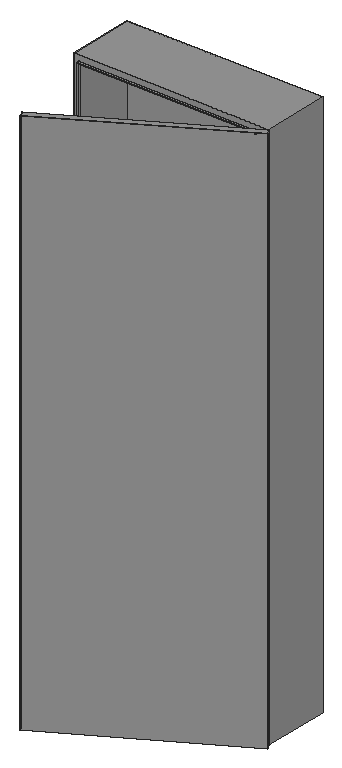
Revit family "Hager-Univers-IP54-D205-H1550-Cl.I-Encl-NoHosted-CH-en", category Equipement électrique, Revit 2020
Family settings
  Configuration du panneau = Deux colonnes, circuits au sein
  Cote de connecteur circulaire = Utiliser le diamètre
  Type d'élément = Tableau de raccordement
  Basée sur le plan de construction = Oui
  Toujours verticalement = Oui
  Couper avec des vides une fois chargée = Non
  Partagée = Non
  Point de calcul de pièce = Non
Parameters (values of type "Surface mounted (plaster) IP54 W550 H1550 D205  - FP02TW2")
  Width Control [instance] = if([EF000008 - Width] > Min Width, [EF000008 - Width], Min Width)  # 550 mm
  Commentaires du type = [HG000003 - Range]  # "Univers"
  Thickness Door [instance] = if([EF009171 - Material plate thickness door/cover] > 3 mm, 3 mm, [EF009171 - Material plate thickness door/cover])  # 1 mm
  Seal Frame Offset [instance] = 17 mm  # constant formula
  Plinth Visibility [instance] = [HG000027 - Plinth height] > 0 mm  # no
  Min Width [instance] = 100 mm  # constant formula
  Min Depth [instance] = (2 * [EF009170 - Material plate thickness cabinet]) + 1 mm  # 3 mm
  Min Height [instance] = 100 mm  # constant formula
  Internal Frame Depth [instance] = (Door System Depth * 0.5)  # 9 mm
  Panel Name [instance] = ""  # (empty or 0)
  Model = ""
  HG000027 - Plinth height = 0 mm
  HG000026 - Floor standing = no
  HG000024 - Bottom section height = 600 mm
  HG000023 - Double section enclosure = no
  HG000016 - Door 3d visibility [instance] = yes
  HG000015 - Clearance visibility [instance] = no
  HG000014 - Door on the right [instance] = yes
  HG000013 - Door on the left [instance] = not([HG000014 - Door on the right])  # no
  HG000012 - Door swing angle [instance] = 30.00°
  HG000010 - Asymmetric doors = no
  HG000009 - Double swing door = no
  HG000006 - Flush mounted = no
  HG000004 - Manufacturer reference = "FP02TW2"
  HG000003 - Range = "Univers"
  HG000002 - With door or cover = yes
  Frame Offset Bottom [instance] = 10 mm  # constant formula
  Frame Offset [instance] = 15 mm  # constant formula
  EF015940 - Cover with overpressure release = no
  EF011959 - Degree of protection (NEMA) = ""
  EF009554 - Number of openings for flange plates = 4
  EF009212 - Cover model = "EV000116 - Closed"
  EF009171 - Material plate thickness door/cover = 1 mm
  EF009170 - Material plate thickness cabinet = 1 mm
  EF008873 - Nominal current (In) = 250 A
  EF007800 - Suitable for lightning protection = no
  EF006306 - With lock = no
  EF006244 - Transparent cover/door = no
  EF005474 - Degree of protection (IP) = "EV006419 - IP54"
  EF004464 - Type of door = "EV002646 - Single"
  EF004427 - Number of modules = 240
  EF004293 - Impact strength = "EV006815 - IK09"
  EF003532 - Suitable for outdoor use = no
  EF002950 - Width in number of modular spacings = 24
  EF001613 - Circuit integrity = "EV000494 - None"
  EF001596 - Material housing = "EV000179 - Steel"
  EF001131 - Internal depth = 205 mm
  EF001088 - Extension possible = yes
  EF000437 - Number of conduit inlets = 4
  EF000339 - Type of cover = "EV001012 - Cover"
  EF000266 - Number of rows = 10
  EF000218 - Built-in depth = 205 mm
  EF000118 - With mounting plate = no
  EF000116 - RAL-number = "9010"
  EF000049 - Depth = 205 mm
  EF000040 - Height = 1550 mm
  EF000008 - Width = 550 mm
  EF000007 - Colour = "EV000202 - White"
  EF000003 - Mounting method = "EV000384 - Surface mounted (plaster)"
  Door System Leaf Tolerance [instance] = 1.5 mm  # constant formula
  Door System Depth [instance] = 18 mm  # constant formula
  Door Height [instance] = Height Control - [HG000027 - Plinth height]  # 1550 mm
  Description = ""
  Default Elevation = 1219.2 mm
  Connector Offset [instance] = Height Control / 2  # 775 mm
  Fabricant = "Hager"  # constant formula
  Height Control [instance] = if([EF000040 - Height] > Min Height, [EF000040 - Height], Min Height)  # 1550 mm
  Depth Control [instance] = if([EF000049 - Depth] > Min Depth, [EF000049 - Depth], Min Depth)  # 205 mm
  Bottom Top Plate Trim [instance] = 1.5 mm  # constant formula
  Plinth height Ctrl [instance] = if([HG000027 - Plinth height] > 0 mm, [HG000027 - Plinth height], 12 mm)  # 12 mm
Types (2, lengths in mm): name | Width Control | HG000004 - Manufacturer reference | EF009554 - Number of openings for flange plates | EF004427 - Number of modules | EF002950 - Width in number of modular spacings | EF000437 - Number of conduit inlets | EF000008 - Width
  Surface mounted (plaster) IP54 W300 H1550 D205  - FP01TW2 | 300 | "FP01TW2" | 2 | 120 | 12 | 2 | 300
  Surface mounted (plaster) IP54 W550 H1550 D205  - FP02TW2 | 550 | "FP02TW2" | 4 | 240 | 24 | 4 | 550
Reference planes
  plane 1 "Center (Front/Back)": y = 0
  plane 2: z = 0
  plane 3 "Center (Left/Right)": x = 0
  plane 4: y = 0
  plane 5: y = 0
  plane 6: z = 0
  plane 7: x = -275
  plane 8: x = 275
  plane 9: x = 274
  plane 10: x = -274
  plane 11: z = 0
  plane 12: z = 1
  plane 13: y = -205
  plane 14: y = -1
  plane 15: x = 0
  plane 16: y = -187
  plane 17: y = -204
  plane 18: y = -186
  plane 19: x = -259
  plane 20: x = 259
  plane 21: z = 11
  plane 22: x = -258
  plane 23: x = 258
  plane 24: z = 0
  plane 25: z = 1550
  plane 26: z = 1550
  plane 27: z = 1534
  plane 28: z = 1549
Forms (mm)
  Extrusion 1, solid, material "Hager_Steel_RAL7035_Light_Grey", detail levels medium+fine
    sketch origin (-208.679, -4572, 0) x (-1, 0, 0) y (0, -1, 0)
      loop
        line (66.321, -4385) -> (-483.679, -4385) -> (-483.679, -4572) -> (66.321, -4572) -> (66.321, -4385)
    from 0 to 1550
  Extrusion 2, void
    sketch origin (-350.771, -205, 1219.2) x (1, 0, 0) y (0, 0, 1)
      loop
        line (76.771, 329.8) -> (76.771, -1218.2) -> (624.771, -1218.2) -> (624.771, 329.8) -> (76.771, 329.8)
    from -19 to -204
  Extrusion 3, void
    sketch origin (-290.084, -187, 1219.2) x (1, 0, 0) y (0, 0, 1)
      loop
        line (31.084, -1208.2) -> (549.084, -1208.2) -> (549.084, 314.8) -> (31.084, 314.8) -> (31.084, -1208.2)
    from 0 to -1
  Extrusion 4, solid, material "Hager_Steel_RAL7035_Light_Grey", visible <- "Plinth Visibility", detail levels medium+fine
    sketch origin (0, 0, 0) x (1, 0, 0) y (0, 1, 0)
      loop
        line (-275, 0) -> (-275, -187) -> (275, -187) -> (275, 0) -> (-275, 0)
    from 0 to 12 <- "Plinth height Ctrl"
  Extrusion 5, solid, material "Hager_Steel_RAL7035_Light_Grey", detail levels coarse
    sketch origin (0, 0, 0) x (1, 0, 0) y (0, 1, 0)
      loop
        line (-275, 0) -> (-275, -205) -> (275, -205) -> (275, 0) -> (-275, 0)
    from 0 to 1550 <- "Height Control"
  Sweep 6, void
    path in 3D
      loop
        line (-275, -187, 12) -> (275, -187, 12) -> (275, 0, 12) -> (-275, 0, 12) -> (-275, -187, 12)
    profile origin (-275, -93.5, 12) x (1, 0, 0) y (0, 0, 1)
      loop
        line (0, 0) -> (0, -1.5) -> (1.5, -1.5)
        arc (1.5, -1.5) -> (1.061, -0.439) -> (0, 0) r 1.5
  Extrusion 7, solid, material "Hager_Steel_RAL7035_Light_Grey", detail levels fine
    sketch origin (-275, -187, 0) x (1, 0, 0) y (0, 0, 1)
      loop
        line (16, 11) -> (534, 11) -> (534, 1534) -> (16, 1534) -> (16, 11)
      loop
        line (15, 10) -> (535, 10) -> (535, 1535) -> (15, 1535) -> (15, 10)
    from 0 to 9 <- "Internal Frame Depth"
Cuts and joins
  Extrusion 2, Extrusion 3 cuts Extrusion 1
  Sweep 6 cuts Extrusion 4
Lines and regions (mm)
  Masking region 1
    outline origin (0, 0, 0) x (1, 0, 0) y (0, 1, 0)
      loop
        line (-275, 0) -> (-275, -205) -> (275, -205) -> (275, 0) -> (-275, 0)
  Masking region 2, detail levels coarse
    outline origin (-290.084, -187, 1219.2) x (-1, 0, 0) y (0, 0, 1)
      loop
        line (-565.084, -1219.2) -> (-15.084, -1219.2) -> (-15.084, 330.8) -> (-565.084, 330.8) -> (-565.084, -1219.2)
  Masking region 3, detail levels coarse
    outline origin (0, 0, 0) x (0, 1, 0) y (0, 0, 1)
      loop
        line (0, 0) -> (0, 1550) -> (-205, 1550) -> (-205, 0) -> (0, 0)
  Masking region 4, visible <- "Plinth Visibility", detail levels medium+fine
    outline origin (0, 0, 0) x (0, 1, 0) y (0, 0, 1)
      loop
        line (-1.5, 12) -> (-185.5, 12)
        arc (-185.5, 12) -> (-185.939, 10.939) -> (-187, 10.5) r 1.5
        line (-187, 10.5) -> (-187, 0) -> (0, 0) -> (0, 10.5)
        arc (0, 10.5) -> (-1.061, 10.939) -> (-1.5, 12) r 1.5
  Masking region 5, detail levels medium+fine
    outline origin (0, 0, 594.038) x (0, 1, 0) y (0, 0, 1)
      loop
        line (0, -594.038) -> (0, 955.962) -> (-187, 955.962) -> (-187, -594.038) -> (0, -594.038)
  Masking region 6, detail levels medium+fine
    outline origin (-359.7, -187, 1211.883) x (-1, 0, 0) y (0, 0, 1)
      loop
        line (-634.7, -1211.883) -> (-84.7, -1211.883) -> (-84.7, 338.117) -> (-634.7, 338.117) -> (-634.7, -1211.883)
  Masking region 7, visible <- "Plinth Visibility", detail levels medium+fine
    outline origin (-320.334, -187, 1041.368) x (-1, 0, 0) y (0, 0, 1)
      loop
        line (-595.334, -1041.368) -> (-45.334, -1041.368) -> (-45.334, -1030.868)
        arc (-45.334, -1030.868) -> (-46.394, -1030.429) -> (-46.834, -1029.368) r 1.5
        line (-46.834, -1029.368) -> (-593.834, -1029.368)
        arc (-593.834, -1029.368) -> (-594.273, -1030.429) -> (-595.334, -1030.868) r 1.5
        line (-595.334, -1030.868) -> (-595.334, -1041.368)
  sketch lines
    curve 1: line (-275, 0, 12) -> (-275, -187, 12)
    curve 2: line (-275, -187, 12) -> (275, -187, 12)
    curve 3: line (275, 0, 12) -> (-275, 0, 12)
    curve 4: line (275, -187, 12) -> (275, 0, 12)
Dimensions and locks
  locked: plane 1 "Center (Front/Back)" to plane 5
  "EF009170 - Material plate thickness cabinet": plane 7 to plane 10
  "EF009170 - Material plate thickness cabinet": plane 8 to plane 9
  equal spacing: plane 7, plane 3 "Center (Left/Right)", plane 8
  "Width Control": plane 7 to plane 8
  "Depth Control": plane 4 to plane 13
  "EF009170 - Material plate thickness cabinet": plane 4 to plane 14
  "Height Control": plane 25 to level
  "HG000027 - Plinth height": plane 11 to level
  "EF009170 - Material plate thickness cabinet": plane 12 to plane 11
  "EF009170 - Material plate thickness cabinet": plane 17 to plane 13
  "EF009170 - Material plate thickness cabinet": plane 18 to plane 16
  "Frame Offset Bottom": plane 21 to plane 12
  "Frame Offset": plane 10 to plane 19
  "Frame Offset": plane 9 to plane 20
  "Door System Depth": plane 16 to plane 13
  "Seal Frame Offset": plane 7 to plane 22
  "Seal Frame Offset": plane 8 to plane 23
  "EF009170 - Material plate thickness cabinet": plane 26 to plane 28
  "Frame Offset": plane 28 to plane 27
  "Connector Offset": plane 2 to connector elem
  "Bottom Top Plate Trim": profile plane to Sweep 6 sketch curve
  "Bottom Top Plate Trim": Sweep 6 sketch curve to Sweep 6 sketch curve
  "Plinth height Ctrl": Masking region 4 sketch curve to level
  "Plinth height Ctrl": Masking region 7 sketch curve to level
  "Thickness Door": Extrusion 7 sketch curve to Extrusion 7 sketch curve  (x4)
  "Bottom Top Plate Trim": radius of Sweep 6 sketch curve
  "Bottom Top Plate Trim": radius of Masking region 4 sketch curve  (x2)
  "Bottom Top Plate Trim": radius of Masking region 7 sketch curve  (x2)
  aligned and locked: Extrusion 2 sketch curve to plane 12
  aligned and locked: Extrusion 2 sketch curve to plane 9
  aligned and locked: Extrusion 2 sketch curve to plane 10
  aligned and locked: plane 14 to Extrusion 2
  aligned and locked: plane 4 to Extrusion 1 sketch curve
  aligned and locked: plane 8 to Extrusion 1 sketch curve
  aligned and locked: plane 7 to Extrusion 1 sketch curve
  aligned and locked: Extrusion 2 to plane 18
  aligned and locked: Extrusion 3 sketch curve to plane 19
  aligned and locked: plane 20 to Extrusion 3 sketch curve
  aligned and locked: Extrusion 3 to Extrusion 2
  aligned and locked: Extrusion 3 sketch curve to plane 21
  aligned and locked: plane 3 "Center (Left/Right)" to nested 1
  aligned and locked: Extrusion 1 sketch curve to plane 16
  aligned and locked: Extrusion 4 sketch curve to cut or joined group of Extrusion 1, Extrusion 2, Extrusion 3
  aligned and locked: Masking region 1 sketch curve to plane 7
  aligned and locked: Masking region 1 sketch curve to plane 5
  aligned and locked: Masking region 1 sketch curve to plane 8
  aligned and locked: Masking region 2 sketch curve to level
  aligned and locked: level to Masking region 3 sketch curve
  aligned and locked: plane 1 "Center (Front/Back)" to Masking region 3 sketch curve
  aligned and locked: plane 13 to Masking region 3 sketch curve
  aligned and locked: plane 5 to Masking region 4 sketch curve
  aligned and locked: Masking region 2 sketch curve to plane 8
  aligned and locked: Masking region 2 sketch curve to plane 7
  aligned and locked: plane 7 to nested 2
  aligned and locked: nested 2 to plane 5
  aligned and locked: plane 5 to Masking region 5 sketch curve
  aligned and locked: plane 26 to Masking region 5 sketch curve
  aligned and locked: Extrusion 5 sketch curve to plane 8
  aligned and locked: Extrusion 5 sketch curve to plane 7
  aligned and locked: Extrusion 5 sketch curve to plane 5
  aligned and locked: Extrusion 3 sketch curve to plane 27
  aligned and locked: Extrusion 2 sketch curve to plane 28
  aligned and locked: Masking region 2 to plane 25
  aligned and locked: Extrusion 4 to plane 16
  aligned and locked: profile plane to Sweep 6 sketch curve
  aligned and locked: Masking region 5 sketch curve to plane 24
  aligned and locked: level to Masking region 4 sketch curve
  aligned and locked: Masking region 1 to plane 13
  aligned and locked: nested 1 to plane 16
  aligned and locked: Masking region 3 to plane 25
  aligned and locked: plane 16 to Masking region 4 sketch curve
  aligned and locked: Masking region 5 sketch curve to plane 16
  aligned and locked: plane 24 to plane 11
  aligned and locked: plane 26 to plane 25
  aligned and locked: plane 26 to cut or joined group of Extrusion 1, Extrusion 2, Extrusion 3
  aligned and locked: nested 1 to plane 24
  aligned and locked: Extrusion 1 to Extrusion 3
  aligned and locked: Masking region 6 sketch curve to plane 8
  aligned and locked: Masking region 6 sketch curve to plane 24
  aligned and locked: Masking region 6 sketch curve to plane 7
  aligned and locked: Masking region 6 sketch curve to plane 26
  aligned and locked: Masking region 7 sketch curve to plane 7
  aligned and locked: level to Masking region 7 sketch curve
  aligned and locked: Masking region 7 sketch curve to plane 8
  aligned and locked: Extrusion 7 sketch curve to cut or joined group of Extrusion 1, Extrusion 2, Extrusion 3  (x4)
Automatic sketch dimensions
  plane 19 to Extrusion 3 sketch curve = 0 mm
  Extrusion 3 sketch curve to plane 20 = 0 mm
  Extrusion 3 sketch curve to plane 21 = 0 mm
  Extrusion 4 sketch curve to plane 7 = 0 mm
  Extrusion 4 sketch curve to plane 8 = 0 mm
  Extrusion 4 sketch curve to plane 16 = 0 mm
  Masking region 1 sketch curve to plane 13 = 0 mm
  Masking region 2 sketch curve to plane 25 = 0 mm
  Masking region 3 sketch curve to plane 25 = 0 mm
  Extrusion 5 sketch curve to plane 13 = 0 mm
  profile plane to Sweep 6 sketch curve = 0 mm
Nested families
  nested 1: "EC000058_Univers_Door" at (0, -187, 0), Double <- "HG000009 - Double swing door", Transparent <- "EF006244 - Transparent cover/door", Angle <- "HG000012 - Door swing angle", Door_Right <- "HG000014 - Door on the right", Assymetrical <- "HG000010 - Asymmetric doors", Door <- "HG000002 - With door or cover", Width_Ctrl <- "Width Control", 3d_Door <- "HG000016 - Door 3d visibility", Clearance <- "HG000015 - Clearance visibility", Door_Left <- "HG000013 - Door on the left", Width <- "Width Control", Door_Depth <- "Door System Depth", Leaf_Tolerance <- "Door System Leaf Tolerance", Height <- "Door Height", Lock_Visibility <- "EF006306 - With lock", Thickness <- "Thickness Door", type "EC000058_Univers_Door", detail levels medium+fine
    with min_wh 3 mm, Width_Ctrl 550 mm, Width 550 mm, Transparent no, Thickness 1 mm, Seal_Material Hager_Rubber, Lock_Visibility no, Lock_Material Hager_Plastic_RAL9005_Jet_Black, Leaf_Width 550 mm, Leaf_Tolerance_External_Sides 0 mm, Leaf_Tolerance 1.5 mm, Leaf_Offset 0 mm, Leaf_Height 1547 mm, Leaf_2_Width 550 mm, Leaf_2_Offset 275 mm, Leaf_1_Width 550 mm, Leaf_1_Offset 275 mm, Height_Ctrl 1550 mm, Height 1550 mm, Glass_Material Hager_Glass, Double_Clearance_Ctrl no, Double no, Door_Right_Ctrl yes, Door_Right yes, Door_Material Hager_Steel_RAL7035_Light_Grey, Door_Left_Ctrl no, Door_Left no, Door_Depth 18 mm, Door yes, Clearance_Material Hager_Clearance, Clearance_Depth 550 mm, Clearance_Ctrl no, Clearance no, Assymetrical no, Angle 30.00°, 3d_Door yes
  nested 2: "Hager_Enclosure_Symbol" at (-275, 0, 0), Height <- "Depth Control", Width <- "Width Control", type "Hager_Enclosure_Symbol"
    with Width_Ctrl 550 mm, Width 550 mm, Height_Ctrl 205 mm, Height 205 mm, A_Width_Int 13.453 mm, A_Width 161.438 mm, A_Height_Ctrl 179.375 mm, A_Height 179.375 mm
Connectors
  electrical at (0, 0, 775)
    settings: on plane 1 "Center (Front/Back)", index 1, voltage 0 V, apparent load 0 VA, apparent load phase1 0 VA, apparent load phase2 0 VA, apparent load phase3 0 VA, power factor 1, load classification "Other", number of poles 1, system type 30, power factor state 1, is connector primary yes, connector utility no, sub classification motor no, connector description ""
Definition of nested family "EC000058_Univers_Door"
  Parameters (values of type "EC000058_Univers_Door")
    min_wh [instance] = (2 * Thickness) + 1 mm  # 11 mm
    Width_Ctrl [instance] = 400 mm
    Width [instance] = 500 mm
    Transparent [instance] = yes
    Thickness [instance] = 5 mm
    Seal_Material [instance] = none
    Lock_Visibility [instance] = yes
    Lock_Material [instance] = none
    Leaf_Width [instance] = if((Width_Ctrl - 2 * Leaf_Tolerance_External_Sides) > 0 mm, (Width_Ctrl - 2 * Leaf_Tolerance_External_Sides), min_wh)  # 400 mm
    Leaf_Tolerance_External_Sides [instance] = 0 mm  # constant formula
    Leaf_Tolerance [instance] = 1.5 mm
    Leaf_Offset [instance] = 0 mm  # constant formula
    Leaf_Height [instance] = if((Height_Ctrl - 2 * Leaf_Tolerance) > 0 mm, (Height_Ctrl - 2 * Leaf_Tolerance), min_wh)  # 497 mm
    Leaf_2_Width [instance] = if(and(and(Double, Assymetrical), Door_Left), (Leaf_Width / 3) - (Leaf_Tolerance / 2), if(and(and(Double, Assymetrical), Door_Right), (Leaf_Width / 3) * 2 - (Leaf_Tolerance / 2), if(and(Double, not(Assymetrical)), (Leaf_Width / 2) - Leaf_Tolerance, Leaf_Width)))  # 400 mm
    Leaf_2_Offset [instance] = if(and(Double, Assymetrical), Leaf_2_Width / 2, if(and(Double, not(Assymetrical)), Leaf_Width / 4, Leaf_Width / 2))  # 200 mm
    Leaf_1_Width [instance] = if(and(and(Double, Assymetrical), Door_Right), (Leaf_Width / 3) - (Leaf_Tolerance / 2), if(and(and(Double, Assymetrical), Door_Left), (Width / 3) * 2 - (Leaf_Tolerance / 2), if(and(Double, not(Assymetrical)), (Leaf_Width / 2) - Leaf_Tolerance, Leaf_Width)))  # 400 mm
    Leaf_1_Offset [instance] = if(and(Double, Assymetrical), Leaf_1_Width / 2, if(and(Double, not(Assymetrical)), Leaf_Width / 4, Leaf_Width / 2))  # 200 mm
    Height_Ctrl [instance] = if(Height > min_wh, Height, min_wh)  # 500 mm
    Height [instance] = 500 mm
    Glass_Material [instance] = none
    Double_Clearance_Ctrl [instance] = and(Double, Clearance)  # no
    Double [instance] = no
    Door_Right_Ctrl [instance] = and(or(Door_Right, Double), Door)  # yes
    Door_Right [instance] = yes
    Door_Material [instance] = none
    Door_Left_Ctrl [instance] = and(or(Door_Left, Double), Door)  # no
    Door_Left [instance] = no
    Door_Depth [instance] = 30 mm
    Door [instance] = yes
    Default Elevation = 1219.2 mm
    Clearance_Material [instance] = none
    Clearance_Depth [instance] = if(Leaf_1_Width > Leaf_2_Width, Leaf_1_Width, Leaf_2_Width)  # 400 mm
    Clearance_Ctrl [instance] = and(not(Double), Clearance)  # yes
    Clearance [instance] = yes
    Assymetrical [instance] = yes
    Angle [instance] = 30.00°
    3d_Door [instance] = yes
  Reference planes
    plane 1 "Center (Front/Back)": y = 0
    plane 2 "Bottom": z = 0
    plane 3 "Center (Left/Right)": x = 0
    plane 4: z = 500
    plane 5: x = -200
    plane 6: x = 200
    plane 7: z = 500
    plane 8: x = -200
    plane 9: z = 0
    plane 10: x = 200
    plane 11: y = 0
    plane 12: z = 1.5
    plane 13: x = -600
    plane 14: y = -400
    plane 15: x = 600
    plane 16: x = 0
    plane 17: x = 0
    plane 18: x = -200
    plane 19: x = 200
    plane 20: z = 498.5
  Forms (mm)
    Extrusion 1, solid, material <- "Clearance_Material", visible <- "Double_Clearance_Ctrl"
      sketch origin (1200, 0, 0) x (1, 0, 0) y (0, 0, -1)
        loop
          line (-1800, -498.5) -> (-600, -498.5) -> (-600, 0) -> (-1800, 0) -> (-1800, -498.5)
      from 0 to -400
  Dimensions and locks
    equal spacing: plane 5, plane 3 "Center (Left/Right)", plane 6
    "Width_Ctrl": plane 5 to plane 6
    "Leaf_Offset": plane 5 to plane 8
    "Leaf_Offset": plane 6 to plane 10
    "Leaf_Offset": plane 9 to level
    "Leaf_Offset": plane 4 to plane 7
    "Height_Ctrl": plane 4 to level
    "Leaf_Tolerance": plane 12 to plane 9
    locked: plane 11 to plane 1 "Center (Front/Back)"
    "Leaf_1_Offset": plane 18 to plane 16
    "Leaf_2_Offset": plane 17 to plane 19
    "Leaf_1_Width": plane 13 to plane 8
    "Leaf_2_Width": plane 10 to plane 15
    "Clearance_Depth": plane 14 to plane 1 "Center (Front/Back)"
    "Leaf_Tolerance_External_Sides": plane 8 to plane 18
    "Leaf_Tolerance_External_Sides": plane 19 to plane 10
    "Leaf_Tolerance": plane 7 to plane 20
    aligned and locked: level to plane 2 "Bottom"
    aligned and locked: nested 1 to plane 16
    aligned and locked: nested 2 to plane 17
    aligned and locked: Extrusion 1 to plane 13
    aligned and locked: plane 15 to Extrusion 1
    aligned and locked: Extrusion 1 to plane 14
    aligned and locked: plane 12 to nested 1
    aligned and locked: nested 2 to plane 12
    aligned and locked: Extrusion 1 to plane 11
    aligned and locked: plane 20 to Extrusion 1
    aligned and locked: nested 2 to plane 11
    aligned and locked: nested 1 to plane 11
  Automatic sketch dimensions
    Extrusion 1 sketch curve to level = 0 mm
    plane 5 to Extrusion 1 sketch curve = 400 mm
    plane 6 to Extrusion 1 sketch curve = 400 mm
    Extrusion 1 sketch curve to plane 4 = 1.5 mm
  Nested families
    nested 1: "EC000058_Univers_Door_Leaf" at (0, 0, 1.5), Width <- "Leaf_1_Width", visible <- "Door_Left_Ctrl", Leaf_Height <- "Leaf_Height", Angle <- "Angle", 3d_Door <- "3d_Door", Transparent <- "Transparent", Clearance Material <- "Clearance_Material", Clearance <- "Clearance_Ctrl", Door_Material <- "Door_Material", Glass_Material <- "Glass_Material", Door_Depth <- "Door_Depth", Lock_Material <- "Lock_Material", Seal_Material <- "Seal_Material", Lock_Visibility <- "Lock_Visibility", Thickness <- "Thickness", type "EC000058_Univers_Door_Leaf"
      with Width 400 mm, Transparent_Glass_Offset 30 mm, Transparent_Ctrl yes, Transparent yes, Thickness 5 mm, Standard no, Seal_Material none, Seal_D2 8 mm, Seal_D1 1 mm, Offset_Internal_Frame 10 mm, Lock_Width 20 mm, Lock_Visibility_3d yes, Lock_Visibility yes, Lock_Thickness_3 3 mm, Lock_Thickness_2 1 mm, Lock_Thickness_1 3 mm, Lock_Radius_Offset_2 16 mm, Lock_Radius_Offset_1 15 mm, Lock_Radius_2 5 mm, Lock_Radius 6 mm, Lock_Offset 5 mm, Lock_Material none, Lock_Height 80 mm, Lock_Cover_Top_Offset_2d 17 mm, Lock_Cover_Height -65 mm, Leaf_Height 497 mm, Internal_Seal_Thickness 8 mm, Internal_Seal_Depth_2 4.5 mm, Internal_Frame_Depth 25 mm, Glass_Thickness -1 mm, Glass_Offset -2 mm, Glass_Material none, Door_Material none, Door_Depth 30 mm, Clearance Material none, Clearance yes, Angle_Ctrl 30.00°, Angle 30.00°, 3d_Door yes
    nested 2: "EC000058_Univers_Door_Leaf" at (0, 0, 1.5) x (-1, 0, 0) z (0, 0, 1), Width <- "Leaf_2_Width", visible <- "Door_Right_Ctrl", Leaf_Height <- "Leaf_Height", Angle <- "Angle", 3d_Door <- "3d_Door", Transparent <- "Transparent", Clearance Material <- "Clearance_Material", Clearance <- "Clearance_Ctrl", Door_Material <- "Door_Material", Glass_Material <- "Glass_Material", Door_Depth <- "Door_Depth", Lock_Material <- "Lock_Material", Seal_Material <- "Seal_Material", Lock_Visibility <- "Lock_Visibility", Thickness <- "Thickness", type "EC000058_Univers_Door_Leaf"
      with Width 400 mm, Transparent_Glass_Offset 30 mm, Transparent_Ctrl yes, Transparent yes, Thickness 5 mm, Standard no, Seal_Material none, Seal_D2 8 mm, Seal_D1 1 mm, Offset_Internal_Frame 10 mm, Lock_Width 20 mm, Lock_Visibility_3d yes, Lock_Visibility yes, Lock_Thickness_3 3 mm, Lock_Thickness_2 1 mm, Lock_Thickness_1 3 mm, Lock_Radius_Offset_2 16 mm, Lock_Radius_Offset_1 15 mm, Lock_Radius_2 5 mm, Lock_Radius 6 mm, Lock_Offset 5 mm, Lock_Material none, Lock_Height 80 mm, Lock_Cover_Top_Offset_2d 17 mm, Lock_Cover_Height -65 mm, Leaf_Height 497 mm, Internal_Seal_Thickness 8 mm, Internal_Seal_Depth_2 4.5 mm, Internal_Frame_Depth 25 mm, Glass_Thickness -1 mm, Glass_Offset -2 mm, Glass_Material none, Door_Material none, Door_Depth 30 mm, Clearance Material none, Clearance yes, Angle_Ctrl 30.00°, Angle 30.00°, 3d_Door yes
  Definition of nested family "EC000058_Univers_Door_Leaf"
    Parameters (values of type "EC000058_Univers_Door_Leaf")
      Width [instance] = 2000 mm
      Transparent_Glass_Offset [instance] = 30 mm
      Transparent_Ctrl [instance] = and(Transparent, [3d_Door])  # yes
      Transparent [instance] = yes
      Thickness [instance] = 5 mm
      Standard [instance] = and(not(Transparent), [3d_Door])  # no
      Seal_Material [instance] = none
      Seal_D2 [instance] = 8 mm  # constant formula
      Seal_D1 [instance] = 1 mm  # constant formula
      Offset_Internal_Frame [instance] = 10 mm  # constant formula
      Lock_Width [instance] = 20 mm  # constant formula
      Lock_Visibility_3d [instance] = and(Lock_Visibility, [3d_Door])  # yes
      Lock_Visibility [instance] = yes
      Lock_Thickness_3 [instance] = 3 mm  # constant formula
      Lock_Thickness_2 [instance] = 1 mm  # constant formula
      Lock_Thickness_1 [instance] = 3 mm  # constant formula
      Lock_Radius_Offset_2 [instance] = Lock_Radius_Offset_1 + 1 mm  # 16 mm
      Lock_Radius_Offset_1 [instance] = 15 mm  # constant formula
      Lock_Radius_2 [instance] = Lock_Radius - 1 mm  # 5 mm
      Lock_Radius [instance] = 6 mm  # constant formula
      Lock_Offset [instance] = 5 mm  # constant formula
      Lock_Material [instance] = none
      Lock_Height [instance] = 80 mm  # constant formula
      Lock_Cover_Top_Offset_2d [instance] = Lock_Radius_Offset_2 + 1 mm  # 17 mm
      Lock_Cover_Height [instance] = -(Lock_Height - Lock_Radius_Offset_1)  # -65 mm
      Leaf_Height [instance] = 2720.336 mm
      Internal_Seal_Thickness [instance] = 8 mm  # constant formula
      Internal_Seal_Depth_2 [instance] = 4.5 mm  # constant formula
      Internal_Frame_Depth [instance] = if(Door_Depth - Thickness > 5 mm, Door_Depth - Thickness, 5 mm)  # 25 mm
      Glass_Thickness [instance] = if(Thickness > 15 mm, Glass_Offset + 10 mm, -1 mm)  # -1 mm
      Glass_Offset [instance] = if(Thickness > 15 mm, -(Thickness + 10 mm) / 2, -2 mm)  # -2 mm
      Glass_Material [instance] = none
      Door_Material [instance] = none
      Door_Depth [instance] = 30 mm
      Default Elevation = 0 mm
      Clearance Material [instance] = none
      Clearance [instance] = yes
      Angle_Ctrl [instance] = if(Angle > 180.00°, 180.00°, Angle)  # 90.00°
      Angle [instance] = 90.00°
      3d_Door [instance] = yes
    Reference planes
      plane 1 "Center (Front/Back)": y = 0
      plane 2: z = 0
      plane 3 "Center (Left/Right)": x = 0
      plane 4: y = 2000
      plane 5: x = -1000
      plane 6: x = 1000
      plane 7: x = -3000
      plane 8: z = 2720.336
      plane 9: z = 30
      plane 10: z = 2690.336
      plane 11: x = 970
      plane 12: x = -970
      plane 13: y = -3
      plane 14: z = 107.833
      plane 15: y = -5
      plane 16: y = -223.314
      plane 17: x = -1000
      plane 18: z = 1360.168
      plane 19: y = 30
    Forms (mm)
      Extrusion 1, solid, material <- "Clearance Material", visible <- "Clearance"
        sketch origin (0, 0, 0) x (1, 0, 0) y (0, 0, 1)
          loop
            line (-3000, 2720.336) -> (-3000, 0) -> (1000, 0) -> (1000, 2720.336) -> (-3000, 2720.336)
        from 0 to -2000
      Extrusion 2, solid, material <- "Door_Material", visible <- "Standard", detail levels medium+fine
        sketch origin (-1000, 0, 0) x (0, 1, 0) y (-1, 0, 0)
          loop
            line (0, 30) -> (0, 25) -> (2000, 25) -> (2000, 30) -> (0, 30)
        from 0 to 2720.336 <- "Leaf_Height"
      Extrusion 3, solid, material <- "Door_Material", visible <- "Transparent_Ctrl", detail levels medium+fine
        sketch origin (-1000, 0, 0) x (0, 1, 0) y (-1, 0, 0)
          loop
            line (0, 25) -> (2000, 25) -> (2000, 30) -> (0, 30) -> (0, 25)
        from 0 to 2720.336 <- "Leaf_Height"
      Extrusion 4, void
        sketch origin (-1025, 2000, 0) x (0, 1, 0) y (0, 0, -1)
          loop
            line (-30, -2690.336) -> (-30, -30) -> (-1970, -30) -> (-1970, -2690.336) -> (-30, -2690.336)
        from 0 to 5 <- "Thickness"
      Sweep 5, solid, material <- "Seal_Material", visible <- "Transparent_Ctrl", detail levels fine
        path in 3D
          loop
            line (-1025, 30, 30) -> (-1025, 30, 2690.336) -> (-1025, 1970, 2690.336) -> (-1025, 1970, 30) -> (-1025, 30, 30)
        profile origin (-1025, 1000, 30) x (1, 0, 0) y (0, 0, 1)
          loop
            line (0, 0) -> (0, -8) -> (1, -8) -> (1, 0) -> (0, 0)
      Extrusion 6, solid, material <- "Glass_Material", visible <- "Transparent_Ctrl", detail levels medium+fine
        sketch origin (-1030, 0, 0) x (0, 1, 0) y (0, 0, -1)
          loop
            line (1970, -2690.336) -> (1970, -30) -> (30, -30) -> (30, -2690.336) -> (1970, -2690.336)
        from -2 <- "Glass_Offset" to -1 <- "Glass_Thickness"
      Extrusion 7, solid, material <- "Door_Material", visible <- "3d_Door", detail levels medium+fine
        sketch origin (-1025, 2000, 0) x (0, -1, 0) y (0, 0, -1)
          loop
            line (0, -2720.336) -> (2000, -2720.336) -> (2000, 0) -> (0, 0) -> (0, -2720.336)
          loop
            line (1995, -5) -> (5, -5) -> (5, -2715.336) -> (1995, -2715.336) -> (1995, -5)
        from 0 to 25 <- "Internal_Frame_Depth"
      Sweep 8, solid, material <- "Seal_Material", visible <- "Transparent_Ctrl", detail levels fine
        path in 3D
          loop
            line (-1025, 0, 0) -> (-1025, 2000, 0) -> (-1025, 2000, 2720.336) -> (-1025, 0, 2720.336) -> (-1025, 0, 0)
        profile origin (-1025, 0, 1360.168) x (1, 0, 0) y (0, 1, 0)
          loop
            line (0, 10) -> (2.975, 10)
            arc (2.975, 10) -> (4.053, 10.447) -> (4.5, 11.525) r 1.525
            line (4.5, 11.525) -> (4.5, 16.527)
            arc (4.5, 16.527) -> (4.069, 17.569) -> (3.027, 18) r 1.473
            line (3.027, 18) -> (0, 18) -> (0, 10)
      Extrusion 9, solid, material <- "Lock_Material", visible <- "Lock_Visibility_3d", detail levels fine
        sketch origin (-1030, 0, 0) x (0, 1, 0) y (0, 0, -1)
          loop
            arc (1993.5, -1400.168) -> (1994.561, -1399.729) -> (1995, -1398.668) r 1.5
            line (1995, -1398.668) -> (1995, -1320.168) -> (1975, -1320.168) -> (1975, -1398.668)
            arc (1975, -1398.668) -> (1975.439, -1399.729) -> (1976.5, -1400.168) r 1.5
            line (1976.5, -1400.168) -> (1993.5, -1400.168)
        from 3 <- "Lock_Thickness_1" to 0
      Blend 10, solid, material <- "Lock_Material", visible <- "Lock_Visibility_3d", detail levels fine
        base sketch origin (-1033, 0, 0) x (0, 1, 0) y (0, 0, -1)
          loop
            line (1975, -1320.168) -> (1975, -1398.668)
            arc (1975, -1398.668) -> (1975.439, -1399.729) -> (1976.5, -1400.168) r 1.5
            line (1976.5, -1400.168) -> (1993.5, -1400.168)
            arc (1993.5, -1400.168) -> (1994.561, -1399.729) -> (1995, -1398.668) r 1.5
            line (1995, -1398.668) -> (1995, -1320.168) -> (1975, -1320.168)
        top sketch origin (-1033, 0, 0) x (0, 1, 0) y (0, 0, -1)
          loop
            line (1976, -1320.168) -> (1976, -1398.668)
            arc (1976, -1398.668) -> (1976.146, -1399.022) -> (1976.5, -1399.168) r 0.5
            line (1976.5, -1399.168) -> (1993.5, -1399.168)
            arc (1993.5, -1399.168) -> (1993.854, -1399.022) -> (1994, -1398.668) r 0.5
            line (1994, -1398.668) -> (1994, -1320.168) -> (1976, -1320.168)
        from 0 to 1 <- "Lock_Thickness_2"
      Blend 11, solid, material <- "Lock_Material", visible <- "Lock_Visibility_3d", detail levels fine
        base sketch origin (-1034, 0, 0) x (0, 1, 0) y (0, 0, -1)
          loop
            line (1978, -1320.168) -> (1978, -1384.168)
            arc (1978, -1384.168) -> (1985, -1391.168) -> (1992, -1384.168) r 7
            line (1992, -1384.168) -> (1992, -1320.168) -> (1978, -1320.168)
        top sketch origin (-1034, 0, 0) x (0, 1, 0) y (0, 0, -1)
          loop
            line (1991, -1320.168) -> (1979, -1320.168) -> (1979, -1383.168)
            arc (1979, -1383.168) -> (1985, -1389.168) -> (1991, -1383.168) r 6
            line (1991, -1383.168) -> (1991, -1320.168)
        from 0 to 3 <- "Lock_Thickness_3"
      Extrusion 12, solid, material <- "Lock_Material", visible <- "Lock_Visibility_3d", detail levels fine
        sketch origin (-1030, 1975, 1320.168) x (1, 0, 0) y (0, -1, 0)
          loop
            line (-7, -19) -> (-7, -1) -> (0, -1) -> (0, 0) -> (-8, 0) -> (-8, -20) -> (0, -20) -> (0, -19) -> (-7, -19)
        from 0 to -65 <- "Lock_Cover_Height"
      Extrusion 13, void
        sketch origin (-1038, 1995, 1320.168) x (-1, 0, 0) y (0, 0, -1)
          loop
            line (-5, -65) -> (0, -65) -> (-5, -60) -> (-5, -65)
        from 0 to 20 <- "Lock_Width"
      Extrusion 14, void
        sketch origin (-1038, 1975, 1320.168) x (0, -1, 0) y (0, 0, -1)
          loop
            circle (-10, -15.995) r 6
          loop
            circle (-10, -15.995) r 5
        from 0 to 2
      Extrusion 15, solid, material <- "Lock_Material", visible <- "Lock_Visibility_3d", detail levels medium
        sketch origin (-1030, 0, 0) x (0, 1, 0) y (0, 0, -1)
          loop
            arc (1993.5, -1400.168) -> (1994.561, -1399.729) -> (1995, -1398.668) r 1.5
            line (1995, -1398.668) -> (1995, -1320.168) -> (1975, -1320.168) -> (1975, -1398.668)
            arc (1975, -1398.668) -> (1975.439, -1399.729) -> (1976.5, -1400.168) r 1.5
            line (1976.5, -1400.168) -> (1993.5, -1400.168)
        from 8 to 0
    Cuts and joins
      Extrusion 4 cuts Extrusion 3
      Extrusion 13, Extrusion 14 cuts Extrusion 9
      Extrusion 14 cuts Blend 11
      Extrusion 13, Extrusion 14 cuts Extrusion 12
      joined: Extrusion 9, Blend 10, Blend 11, Extrusion 12
      Extrusion 14 cuts Extrusion 15
    Lines and regions (mm)
      Masking region 1, visible <- "Lock_Visibility", detail levels fine
        outline origin (0, 0, 0) x (0, 1, 0) y (0, 0, 1)
          loop
            line (30, 1320.168) -> (33, 1320.168) -> (33, 1400.168) -> (30, 1400.168) -> (30, 1320.168)
      Masking region 2, visible <- "Lock_Visibility", detail levels fine
        outline origin (0, 3.143, 0) x (0, 1, 0) y (0, 0, 1)
          loop
            line (29.857, 1354.168) -> (30.857, 1354.168) -> (30.857, 1366.168) -> (29.857, 1366.168) -> (29.857, 1354.168)
      Masking region 3, detail levels medium+fine
        outline origin (0, 0, 0) x (0, 1, 0) y (0, 0, 1)
          loop
            line (0, 0) -> (30, 0) -> (30, 2720.336) -> (0, 2720.336) -> (0, 0)
      Masking region 4, detail levels medium+fine
        outline origin (0, 0, 0) x (1, 0, 0) y (0, 0, 1)
          loop
            line (-1000, 2720.336) -> (-1000, 0) -> (1000, 0) -> (1000, 2720.336) -> (-1000, 2720.336)
      Masking region 5, visible <- "Lock_Visibility", detail levels fine
        outline origin (-47.116, 0, 0) x (1, 0, 0) y (0, 0, 1)
          loop
            arc (1024.616, 1399.168) -> (1023.556, 1398.729) -> (1023.116, 1397.668) r 1.5
            line (1023.116, 1397.668) -> (1023.116, 1320.168) -> (1041.116, 1320.168) -> (1041.116, 1397.668)
            arc (1041.116, 1397.668) -> (1040.677, 1398.729) -> (1039.616, 1399.168) r 1.5
            line (1039.616, 1399.168) -> (1024.616, 1399.168)
      Masking region 6, visible <- "Lock_Visibility", detail levels medium+fine
        outline origin (-25, 0, 0) x (1, 0, 0) y (0, 0, 1)
          loop
            arc (1001.5, 1400.168) -> (1000.439, 1399.729) -> (1000, 1398.668) r 1.5
            line (1000, 1398.668) -> (1000, 1320.168) -> (1020, 1320.168) -> (1020, 1398.668)
            arc (1020, 1398.668) -> (1019.561, 1399.729) -> (1018.5, 1400.168) r 1.5
            line (1018.5, 1400.168) -> (1001.5, 1400.168)
      Masking region 7, visible <- "Lock_Visibility", detail levels fine
        outline origin (-73.735, 0, 0) x (1, 0, 0) y (0, 0, 1)
          loop
            line (1051.735, 1382.168) -> (1065.735, 1382.168) -> (1065.735, 1384.168)
            arc (1065.735, 1384.168) -> (1058.735, 1391.168) -> (1051.735, 1384.168) r 7
            line (1051.735, 1384.168) -> (1051.735, 1382.168)
      Masking region 8, visible <- "Lock_Visibility", detail levels fine
        outline origin (-73.735, 0, 0) x (1, 0, 0) y (0, 0, 1)
          loop
            line (1052.735, 1382.168) -> (1064.735, 1382.168) -> (1064.735, 1383.168)
            arc (1064.735, 1383.168) -> (1058.735, 1389.168) -> (1052.735, 1383.168) r 6
            line (1052.735, 1383.168) -> (1052.735, 1382.168)
      Masking region 9, visible <- "Lock_Visibility", detail levels fine
        outline origin (-25, 0, 0) x (1, 0, 0) y (0, 0, 1)
          loop
            line (1020, 1320.168) -> (1020, 1382.168) -> (1000, 1382.168) -> (1000, 1320.168) -> (1020, 1320.168)
      Masking region 10, detail levels medium+fine
        outline origin (0, 0, 0) x (1, 0, 0) y (0, 0, 1)
          loop
            circle (985, 1335.144) r 6
      Masking region 11, detail levels fine
        outline origin (0, 0, 0) x (1, 0, 0) y (0, 0, 1)
          loop
            circle (985, 1335.144) r 5
      Masking region 12, visible <- "Lock_Visibility", detail levels fine
        outline origin (0, 12.767, 0) x (0, 1, 0) y (0, 0, 1)
          loop
            line (20.233, 1320.168) -> (21.233, 1320.168) -> (21.233, 1399.168) -> (20.233, 1400.168) -> (20.233, 1320.168)
      Masking region 13, visible <- "Lock_Visibility", detail levels fine
        outline origin (0, 13.767, -10) x (0, 1, 0) y (0, 0, 1)
          loop
            line (20.233, 1330.168) -> (23.233, 1330.168) -> (23.233, 1399.168) -> (20.233, 1402.168) -> (20.233, 1330.168)
      Masking region 14, visible <- "Lock_Visibility", detail levels fine
        outline origin (0, 12.767, -10) x (0, 1, 0) y (0, 0, 1)
          loop
            line (20.233, 1330.168) -> (25.233, 1330.168) -> (25.233, 1399.305) -> (20.233, 1394.305) -> (20.233, 1330.168)
      Masking region 15, visible <- "Lock_Visibility", detail levels medium
        outline origin (0, 0, 0) x (0, 1, 0) y (0, 0, 1)
          loop
            line (30, 1320.168) -> (38, 1320.168) -> (38, 1400.168) -> (30, 1400.168) -> (30, 1320.168)
      Masking region 16, visible <- "Lock_Visibility", detail levels fine
        outline origin (-1000, 0, 0) x (0, 1, 0) y (-1, 0, 0)
          loop
            line (1975, 30) -> (1995, 30) -> (1995, 38) -> (1975, 38) -> (1975, 30)
          loop
            line (1979, 37) -> (1976, 37) -> (1976, 34) -> (1978, 34) -> (1979, 37)
          loop
            line (1994, 37) -> (1991, 37) -> (1992, 34) -> (1994, 34) -> (1994, 37)
      Masking region 17, visible <- "Lock_Visibility", detail levels medium
        outline origin (-1000, 0, 0) x (0, 1, 0) y (-1, 0, 0)
          loop
            line (1975, 30) -> (1995, 30) -> (1995, 38) -> (1975, 38) -> (1975, 30)
      symbolic lines
        curve 1: line (1000, 0, 0) -> (-3000, 0, 0)
        curve 2: arc (1000, 0, 0) -> (-1000, 2000, 0) -> (-3000, 0, 0) r 2000
        curve 4: line (-1030, 0, 0) -> (-1030, 2000, 0)
      reference lines
        curve 3: line (-1000, 0, 0) -> (-1000, 2000, 0)
      symbolic lines, detail levels medium+fine
        curve 5: line (-1030, 2000, 0) -> (-1025, 2000, 0)
        curve 7: line (-1025, 0, 0) -> (-1030, 0, 0)
        curve 8: line (-1025, 0, 0) -> (-1000, 0, 0)
        curve 9: line (-1000, 0, 0) -> (-1000, 2000, 0)
        curve 10: line (-1000, 2000, 0) -> (-1025, 2000, 0)
      symbolic lines, detail levels fine
        curve 6: line (-1025, 2000, 0) -> (-1025, 0, 0)
      sketch lines
        curve 11: line (-1025, 0, 2720.336) -> (-1025, 0, 0)
        curve 12: line (-1025, 2000, 0) -> (-1025, 0, 0)
        curve 13: line (-1025, 2000, 2720.336) -> (-1025, 2000, 0)
        curve 14: line (-1025, 0, 2720.336) -> (-1025, 2000, 2720.336)
        curve 15: line (-1025, 1970, 30) -> (-1025, 30, 30)
        curve 16: line (-1025, 30, 30) -> (-1025, 30, 2690.336)
        curve 17: line (-1025, 1970, 2690.336) -> (-1025, 1970, 30)
        curve 18: line (-1025, 30, 2690.336) -> (-1025, 1970, 2690.336)
      symbolic lines, visible <- "Transparent", detail levels medium+fine
        curve 19: line (-970, 0, 2690.336) -> (970, 0, 2690.336)
        curve 20: line (-970, 0, 30) -> (-970, 0, 2690.336)
        curve 21: line (970, 0, 30) -> (-970, 0, 30)
        curve 22: line (970, 0, 2690.336) -> (970, 0, 30)
    Dimensions and locks
      "Width": plane 1 "Center (Front/Back)" to plane 4
      equal spacing: plane 5, plane 3 "Center (Left/Right)", plane 6
      "Width": plane 5 to plane 6
      "Width": plane 7 to plane 5
      "Leaf_Height": plane 8 to level
      "Width": curve 5 to curve 3
      "Width": curve 3 to curve 3
      plane 8 to plane 10 = 30 mm
      plane 9 to level = 30 mm
      plane 12 to plane 5 = 30 mm
      plane 6 to plane 11 = 30 mm
      Extrusion 1 to Extrusion 4 sketch curve = 30 mm
      "Transparent_Glass_Offset": curve 3 to Extrusion 4 sketch curve
      "Transparent_Glass_Offset": Extrusion 4 sketch curve to cut or joined group of Extrusion 3, Extrusion 4  (x2)
      cut or joined group of Extrusion 3, Extrusion 4 to Extrusion 6 sketch curve = 30 mm
      "Transparent_Glass_Offset": cut or joined group of Extrusion 3, Extrusion 4 to Extrusion 4 sketch curve
      "Thickness": curve 6 to curve 4
      "Thickness": Extrusion 7 sketch curve to Extrusion 7 sketch curve  (x4)
      "Door_Depth": curve 4 to curve 3
      "Offset_Internal_Frame": profile plane to Sweep 8 sketch curve
      "Internal_Seal_Thickness": Sweep 8 sketch curve to Sweep 8 sketch curve
      "Internal_Seal_Depth_2": profile plane to Sweep 8 sketch curve
      "Seal_D1": profile plane to Sweep 5 sketch curve
      "Seal_D2": profile plane to Sweep 5 sketch curve
      "Thickness": Extrusion 2 sketch curve to Extrusion 2 sketch curve
      equal spacing: Extrusion 9 sketch curve, plane 18, Extrusion 9 sketch curve  (x2)
      equal spacing: Masking region 1 sketch curve, plane 18, Masking region 1 sketch curve
      "Lock_Height": Masking region 1 sketch curve to Masking region 1 sketch curve
      "Lock_Radius": Masking region 2 sketch curve to plane 18 to Masking region 2 sketch curve
      Masking region 2 sketch curve to Masking region 1 = 1 mm
      "Door_Depth": plane 19 to plane 1 "Center (Front/Back)"
      "Lock_Thickness_1": Masking region 1 sketch curve to plane 19
      "Lock_Width": Extrusion 9 sketch curve to Extrusion 9 sketch curve
      "Lock_Height": Extrusion 9 sketch curve to Extrusion 9 sketch curve
      "Lock_Offset": cut or joined group of Extrusion 3, Extrusion 4 to Extrusion 9 sketch curve
      equal spacing: plane 8, plane 18, level
      "Lock_Radius_Offset_1": Blend 11 sketch curve to Blend 10
      locked: Blend 10 to Blend 11 sketch curve at 2  (x2)
      locked: var sketch to Blend 11 sketch curve at 1  (x2)
      "Lock_Radius_Offset_2": Blend 11 sketch curve to Blend 10
      locked: Extrusion 12 sketch curve to Extrusion 12 sketch curve at 1  (x3)
      Masking region 6 sketch curve to Masking region 6 sketch curve = 80 mm
      "Lock_Height": Masking region 6 sketch curve to Masking region 6 sketch curve
      "Lock_Width": Masking region 6 sketch curve to Masking region 6 sketch curve
      locked: Masking region 6 to Masking region 5 sketch curve at 1  (x3)
      locked: Masking region 5 to Masking region 7 sketch curve at 2  (x2)
      "Lock_Radius_Offset_1": Masking region 5 to Masking region 7 sketch curve
      "Lock_Radius_Offset_2": Masking region 5 to Masking region 8 sketch curve
      locked: Masking region 7 to Masking region 8 sketch curve at 1  (x2)
      "Lock_Cover_Top_Offset_2d": Masking region 5 to Masking region 9 sketch curve
      equal spacing: Masking region 9, Masking region 10 sketch curve, Masking region 9
      equal spacing: Masking region 9, Masking region 11 sketch curve, Masking region 9
      Extrusion 15 sketch curve to Extrusion 15 sketch curve = 80 mm
      "Lock_Width": Extrusion 15 sketch curve to Extrusion 15 sketch curve
      "Lock_Height": Extrusion 15 sketch curve to Extrusion 15 sketch curve
      equal spacing: Extrusion 15 sketch curve, plane 18, Extrusion 15 sketch curve
      "Lock_Thickness_3": Masking region 13 sketch curve to Masking region 13 sketch curve
      "Lock_Height": Masking region 12 sketch curve to Masking region 12 sketch curve
      locked: Masking region 13 sketch curve to Masking region 1 at 8
      locked: Masking region 14 sketch curve to Masking region 13 at 1
      locked: Masking region 14 sketch curve to Masking region 1 at 10.863
      "Lock_Height": Masking region 15 sketch curve to Masking region 15 sketch curve
      "Lock_Offset": Extrusion 15 sketch curve to cut or joined group of Extrusion 3, Extrusion 4
      "Lock_Offset": plane 6 to Masking region 6 sketch curve
      radius of Sweep 8 sketch curve = 1.525 mm
      radius of Sweep 8 sketch curve = 1.473 mm
      radius of Extrusion 9 sketch curve = 1.5 mm  (x2)
      "Lock_Radius": radius of Extrusion 14 sketch curve
      "Lock_Radius_2": radius of Extrusion 14 sketch curve
      "Lock_Radius": radius of Masking region 10 sketch curve
      "Lock_Radius_2": radius of Masking region 11 sketch curve
      radius of Extrusion 15 sketch curve = 1.5 mm  (x2)
      "Angle_Ctrl": angle plane 1 "Center (Front/Back)" to curve 3
      locked: Masking region 12 sketch curve to Masking region 12 sketch curve (angle 45.00°)
      locked: Masking region 13 sketch curve to Masking region 13 sketch curve (angle 45.00°)
      locked: Masking region 14 sketch curve to Masking region 14 sketch curve (angle 45.00°)
      aligned and locked: level to plane 2
      aligned and locked: Extrusion 1 to curve 1
      aligned and locked: plane 6 to Extrusion 1
      aligned and locked: Extrusion 1 to plane 1 "Center (Front/Back)"
      aligned and locked: plane 4 to Extrusion 1
      aligned and locked: plane 8 to Extrusion 1
      aligned and locked: curve 7 to Extrusion 2 sketch curve
      aligned and locked: curve 5 to Extrusion 2 sketch curve
      aligned and locked: curve 7 to Extrusion 3 sketch curve
      aligned and locked: Extrusion 3 sketch curve to curve 4
      aligned and locked: Extrusion 3 sketch curve to curve 6
      aligned and locked: Extrusion 3 sketch curve to curve 5
      aligned and locked: curve 9 to curve 3
      aligned and locked: Extrusion 7 sketch curve to cut or joined group of Extrusion 3, Extrusion 4  (x4)
      aligned and locked: plane 17 to curve 3
      aligned and locked: plane 1 "Center (Front/Back)" to curve 3
      aligned and locked: plane 17 to plane 5
      aligned and locked: Sweep 8 sketch curve to profile plane
      aligned and locked: Sweep 5 sketch curve to profile plane  (x2)
      aligned and locked: Masking region 1 to Masking region 2 sketch curve
      aligned and locked: plane 19 to Masking region 1 sketch curve
      aligned and locked: plane 1 "Center (Front/Back)" to Masking region 3 sketch curve
      aligned and locked: plane 19 to Masking region 3 sketch curve
      aligned and locked: level to Masking region 3 sketch curve
      aligned and locked: Masking region 3 sketch curve to plane 8
      aligned and locked: plane 17 to Masking region 4 sketch curve
      aligned and locked: level to Masking region 4 sketch curve
      aligned and locked: Masking region 4 sketch curve to plane 8
      aligned and locked: plane 12 to curve 20
      aligned and locked: plane 10 to curve 19
      aligned and locked: plane 11 to curve 22
      aligned and locked: curve 21 to plane 9
      aligned and locked: Extrusion 2 sketch curve to cut or joined group of Extrusion 3, Extrusion 4
      aligned and locked: Blend 10 sketch curve to Extrusion 9  (x4)
      aligned and locked: Extrusion 9 to Blend 10 sketch curve
      aligned and locked: Blend 10 to Blend 11 sketch curve
      aligned and locked: Extrusion 12 sketch curve to Blend 11
      aligned and locked: Extrusion 12 sketch curve to Extrusion 9  (x4)
      aligned and locked: Masking region 5 sketch curve to Masking region 6
      aligned and locked: Masking region 9 sketch curve to Masking region 6  (x3)
      aligned and locked: Masking region 12 sketch curve to Masking region 1
      aligned and locked: Masking region 13 sketch curve to Masking region 1
      aligned and locked: Masking region 12 to Masking region 14
      aligned and locked: Masking region 14 sketch curve to Masking region 1
      aligned and locked: Masking region 15 sketch curve to Masking region 14
      aligned and locked: Masking region 13 sketch curve to Masking region 12
      aligned and locked: Masking region 16 sketch curve to cut or joined group of Extrusion 14, Extrusion 15  (x4)
      aligned and locked: Masking region 16 sketch curve to cut or joined group of Extrusion 9, Blend 10, Blend 11, Extrusion 12, Extrusion 13, Extrusion 14  (x6)
      aligned and locked: cut or joined group of Extrusion 9, Blend 10, Blend 11, Extrusion 12, Extrusion 13, Extrusion 14 to Masking region 16 sketch curve
      aligned and locked: Masking region 17 sketch curve to cut or joined group of Extrusion 14, Extrusion 15  (x3)
      aligned and locked: Masking region 17 sketch curve to cut or joined group of Extrusion 9, Blend 10, Blend 11, Extrusion 12, Extrusion 13, Extrusion 14
      aligned and locked: Masking region 9 to Masking region 8 sketch curve
      aligned and locked: Masking region 9 to Masking region 7 sketch curve
    Automatic sketch dimensions
      plane 1 "Center (Front/Back)" to curve 2 = 0 mm
      curve 2 to plane 5 = 0 mm
      Extrusion 1 sketch curve to level = 0 mm
      Extrusion 1 sketch curve to plane 7 = 0 mm
      Extrusion 1 sketch curve to plane 6 = 0 mm
      Extrusion 1 sketch curve to plane 8 = 0 mm
      Extrusion 3 to Extrusion 6 sketch curve = 30 mm  (x4)
      Masking region 4 sketch curve to plane 6 = 0 mm
      Blend 10 sketch curve to Extrusion 9 = 1.5 mm
      Blend 10 sketch curve to Extrusion 9 = 1 mm
      Extrusion 13 sketch curve to Extrusion 12 = 0 mm  (x2)
      Extrusion 12 to Extrusion 13 sketch curve = 3 mm
      Extrusion 13 sketch curve to Extrusion 12 = 5 mm
      Extrusion 14 sketch curve to Extrusion 14 sketch curve = 0 mm  (x2)
      Extrusion 14 sketch curve to Extrusion 12 = 10 mm
      Extrusion 14 sketch curve to Extrusion 12 = 15.995 mm
      Masking region 5 sketch curve to Masking region 5 sketch curve = 1.5 mm  (x2)
      Masking region 10 sketch curve to plane 18 = 25.024 mm
      Masking region 11 sketch curve to plane 18 = 25.024 mm
      plane 19 to Masking region 14 sketch curve = 3 mm
      Masking region 16 sketch curve to Masking region 16 sketch curve = 3 mm
      curve 4 to curve 3 = 0 mm
      Blend 10 to Blend 11 sketch curve = 0 mm
      Masking region 6 sketch curve to Masking region 6 sketch curve = 1.5 mm  (x2)
      Masking region 6 sketch curve to plane 18 = 40 mm
      plane 19 to Masking region 12 sketch curve = 3 mm
      Masking region 12 sketch curve to Masking region 12 sketch curve = 1 mm
      Masking region 15 sketch curve to plane 19 = 0 mm
      Masking region 15 sketch curve to plane 18 = 40 mm
      radius of Blend 10 sketch curve to Extrusion 9 = 1 mm
Definition of nested family "Hager_Enclosure_Symbol"
  Parameters (values of type "Hager_Enclosure_Symbol")
    Width_Ctrl [instance] = if(Width > 1 mm, Width, 1 mm)  # 102.27 mm
    Width [instance] = 102.27 mm
    Height_Ctrl [instance] = if(Height > 1 mm, Height, 1 mm)  # 66.5 mm
    A_Width_Int [instance] = if(A_Width / 12 > 2 mm, A_Width / 12, 2 mm)  # 4.364 mm
    A_Width [instance] = if(A_Height_Ctrl * 0.9 > 2 mm, A_Height_Ctrl * 0.9, 2 mm)  # 52.369 mm
    A_Height_Ctrl [instance] = if(A_Height > 2 mm, A_Height, 2 mm)  # 58.188 mm
    Height [instance] = 66.5 mm
    A_Height [instance] = Height - (Height / 8)  # 58.188 mm
  Reference planes
    plane 1 "Centre (avant/arrière)": y = 0
    plane 2: z = 0
    plane 3 "Centre (gauche/droite)": x = 0
    plane 4: x = 52.369
    plane 5: y = 33.042
    plane 6: y = 41.77
    plane 7: y = 66.5
    plane 8: x = 26.184
    plane 9: y = 37.406
    plane 10: x = 102.27
    plane 11: y = 66.5
    plane 12: y = 8.313
  Lines and regions (mm)
    Filled region 1, type "Solid_Black", in view "Niveau de réf."
      outline origin (0, 0, 0) x (1, 0, 0) y (0, 1, 0)
        loop
          line (52.369, 66.5) -> (33.188, 54.536) -> (45.365, 45.006) -> (52.369, 66.5)
    Filled region 2, type "Solid_Black", in view "Niveau de réf."
      outline origin (0, 0, 0) x (1, 0, 0) y (0, 1, 0)
        loop
          line (0, 0) -> (102.27, 0) -> (102.27, 66.5) -> (0, 0)
    detail lines, in view "Niveau de réf."
      curve 1: line (0, 8.313, 0) -> (26.184, 41.77, 0)
      curve 2: line (26.184, 41.77, 0) -> (26.184, 33.042, 0)
      curve 3: line (26.184, 33.042, 0) -> (52.369, 66.5, 0)
  Dimensions and locks
    "A_Width": plane 3 "Centre (gauche/droite)" to plane 4
    equal spacing: plane 3 "Centre (gauche/droite)", plane 8, plane 4
    equal spacing: plane 6, plane 9, plane 5
    equal spacing: curve 3, Filled region 1 sketch curve, Filled region 1 sketch curve
    "Height_Ctrl": plane 1 "Centre (avant/arrière)" to plane 11
    "A_Height_Ctrl": plane 11 to plane 12
    equal spacing: plane 11, plane 9, plane 12
    "A_Width_Int": plane 6 to plane 9
    "Width_Ctrl": plane 3 "Centre (gauche/droite)" to plane 10
    angle Filled region 1 sketch curve to curve 3 = 20.00°
    angle curve 3 to Filled region 1 sketch curve = 20.00°
    locked: curve 3 to Filled region 1 sketch curve (angle 90.00°)
    aligned and locked: plane 10 to Filled region 2
    aligned and locked: plane 11 to Filled region 2 sketch curve
    aligned and locked: plane 10 to Filled region 2 sketch curve
    aligned and locked: plane 3 "Centre (gauche/droite)" to curve 1
    aligned and locked: plane 12 to curve 1
    aligned and locked: plane 7 to plane 11
  Automatic sketch dimensions
    Filled region 1 sketch curve to plane 4 = 0 mm
    Filled region 1 sketch curve to plane 7 = 0 mm
    plane 1 "Centre (avant/arrière)" to Filled region 2 sketch curve = 0 mm
    Filled region 2 sketch curve to plane 3 "Centre (gauche/droite)" = 0 mm
    curve 2 to plane 6 = 0 mm
    curve 2 to plane 8 = 0 mm
    curve 3 to plane 4 = 0 mm
    curve 2 to plane 5 = 0 mm
    curve 3 to plane 7 = 0 mm
